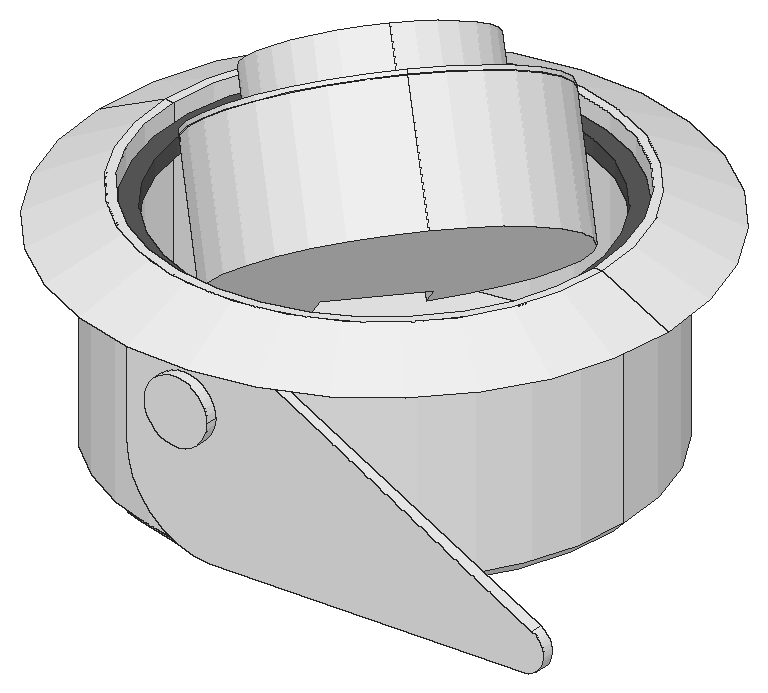
Revit family "Ciak 1.6A", category Lighting Fixtures, host Face, Revit 2017
Family settings
  Host = Face
  Round Connector Dimension = Use Diameter
  Part Type = Normal
  Cut with Voids When Loaded = Yes
  Light Source = No
  Shared = No
  Room Calculation Point = Yes
Parameters (values of type "Ciak 1.6_L 52° (3000K 2.5W 24Vdc)")
  Wiring = "parallel"
  Width mm = 46 mm
  Weight kg = "0.07"
  Voltage = 24 V
  Vertical rotation adjusted [instance] = if(Vertical rotation > Vertical rotation max, Vertical rotation max, Vertical rotation)  # 40.00°
  Vertical rotation [instance] = 40.00°
  Vertical rotation max = 70.00°
  URL Technical sheet = "https://www.lucelight.it/media/prodotti/st/ST_CIAK_16.pdf"
  URL Image = "https://www.lucelight.it/media/prodotti/foto/ciak_1.6_still.jpg"
  URL IES Photometric file = "https://www.lucelight.it/media/prodotti/fotometrie/ciak_1.6_ies.zip"
  URL General code = "https://www.lucelight.it/en/prodotto.php/102838#a-generacodice"
  URL Description = "https://www.lucelight.it/en/capitolato.php/102838"
  URL DXF = "https://www.lucelight.it/media/prodotti/dxf/ciak_1.6.dxf"
  URL Catalogue = "https://www.lucelight.it/media/prodotti/brochure/ciak_brochure_en.pdf"
  URL Accessories and power supply units = "https://www.lucelight.it/en/prodotto.php/102838#a-scheda-accessori"
  URL = "https://www.lucelight.it/en/prodotto.php/102838"
  Trim = L&L_Black aluminium
  Radius void = 25 mm
  Power supply unit = "not included"
  Power supply = "24Vdc"
  Power cables = "includes 1.5 m PVC cable FROR 2x0.35/0.35 diam. 3.5 m"
  Power = "2.5W"
  Optics = "52°"
  Notes = "-"
  No. and type of led = "1 power LED"
  Model = "Ciak 1.6"
  Manufacturer = "L&L Luce&Light"
  Light Source = Light Source_1.6 : L52°
  Geometry 2 = Ciak 1.6_mod : Ciak 1.6
  Mounting = "recessed (ceiling, shelf, shop window)"
  Material = "body and trim in aluminium"
  Lumen output at source = "157 lm (3000K)"
  Lens = L&L_Lens
  Length mm = 46 mm
  LED Colour = "3000K (also available: 2700K and 4000K - ref. URL Technical sheet)"
  L1 = 10.5 mm
  IP = "40"
  Horizontal rotation [instance] = 40.00°
  Horizontal rotation max = 350.00°
  Horizontal rotation adjusted [instance] = if(Horizontal rotation > Horizontal rotation max, Horizontal rotation max, Horizontal rotation)  # 40.00°
  Height void = 19 mm
  Height mm = 22 mm
  Geometry 1 = Ciak 1.0_Geometry 1 : Ciak 1.0_Geometry 1
  Features = "-"
  Energy efficiency class = "A A+ A++"
  Description = "indoor recessed"
  Delivered lumen output = "144 lm (3000K, 29°)"
  Default Elevation = 1219.2 mm
  Cutout dimensions = "diam. 50 mm"
  Control system = "-"
  Contact = "T: +39 0444 360571; E: lucelight@lucelight.it"
  Company = "L&L Luce&Light"
  Code = "CK16001 B White; CK16001 N Black"
  CRI = "90"
  Body = L&L_White aluminium
  Geometry 3 = Ciak 1.0_Geometry 3 : Ciak 1.0_Geometry 3
  Apparent Load Phase 1 = 2.5 W
Types (5, lengths in mm): name | Vertical rotation adjusted | Vertical rotation | Optics | Light Source
  Ciak 1.6_L 52° (3000K 2.5W 24Vdc) | 40.00° | 40.00° | "52°" | Light Source_1.6 : L52°
  Ciak 1.6_M 29° (3000K 2.5W 24Vdc) | 20.00° | 20.00° | "29°" | Light Source_1.6 : M29°
  Ciak 1.6_P 48° (3000K 2.5W 24Vdc) | 20.00° | 20.00° | "48°" | Light Source_1.6 : P48°
  Ciak 1.6_S 17° (3000K 2.5W 24Vdc) | 20.00° | 20.00° | "17°" | Light Source_1.6 : S17°
  Ciak 1.6_W 16°x34° (3000K 2.5W 24Vdc) | 20.00° | 20.00° | "16°x34°" | Light Source_1.6 : W16°x34°
Reference planes
  plane 1 "Center (Front/Back)": y = 0
  plane 2: z = 0
  plane 3 "Center (Left/Right)": x = 0
  plane 4: z = -19
Forms (mm)
  Extrusion 1, void
    sketch origin (0, 0, 0) x (-0.642788, -0.766044, 0) y (-0.766044, 0.642788, 0)
      loop
        circle (0, 0) r 25
    from 0 to 19
Lines and regions (mm)
  reference lines
    curve 1: line (0, 0, 0) -> (-8.043, 6.749, 0)
    curve 2: line (-8.043, 6.749, 0) -> (-8.043, 6.749, 1.5)
Dimensions and locks
  "L1": curve 1 to curve 1
  "Height void": plane 4 to plane 2
  "Radius void": radius of Extrusion 1 sketch curve
  "Horizontal rotation adjusted": angle curve 1 to plane 1 "Center (Front/Back)"
  aligned and locked: plane 2 to host face
  aligned and locked: level to host face
  aligned and locked: Extrusion 1 to plane 4
  aligned and locked: plane 2 to Extrusion 1
Automatic sketch dimensions
  host sketch curve to host sketch curve = 2438.4 mm  (x2)
  curve 2 to curve 1 = 0 mm  (x2)
  curve 1 to curve 2 = 1.5 mm
  plane 1 "Center (Front/Back)" to curve 1 = 0 mm
  curve 1 to plane 3 "Center (Left/Right)" = 0 mm
  Extrusion 1 sketch curve to curve 1 = 0 mm  (x2)
Nested families
  nested 1: "Ciak 1.0_Geometry 3" at (0, 0, 0) x (0.766, -0.6428, 0) z (0, 0, 1), type <- "Geometry 3", type "Ciak 1.0_Geometry 3"
  nested 2: "Ciak 1.0_Geometry 1" at (0, 0, 0), type <- "Geometry 1", type "Ciak 1.0_Geometry 1"
  nested 3: "Ciak 1.6_mod" at (-8.043, 6.749, 1.1) x (-0.766, 0.6428, 0) z (0, 0, 1), type <- "Geometry 2", Vertical rotation <- "Vertical rotation adjusted", type "Ciak 1.6"
    with Vertical rotation 40.00°
  nested 4: "Light Source_1.6" at (-1.84, 1.544, 8.026) x (0.6428, 0.766, 0) z (-0.4924, 0.4132, 0.766), type <- "Light Source", type "L52°"
Connectors
  electrical at (0, 0, 0), driven by "Voltage", driven by "Apparent Load Phase 1"
    settings: on host face, index 1, voltage 24 V, apparent load 0 VA, apparent load phase1 2.5 VA, apparent load phase2 0 VA, apparent load phase3 0 VA, power factor 1, load classification "Lighting", number of poles 1, system type 31, power factor state 1, is connector primary yes, connector utility no, sub classification motor no, connector description ""
Definition of nested family "Ciak 1.0_Geometry 3"
  Parameters (values of type "Ciak 01_Black Steel_01")
    Trim = none
    Default Elevation = 1219.2 mm
  Reference planes
    plane 1 "Light Source Axis (F/B)": y = 0
    plane 2: z = 0
    plane 3 "Light Source Axis (L/R)": x = 0
    plane 4 "Light Source Elevation": z = 1500
  Forms (mm)
    Extrusion 1, solid, material <- "Trim", detail levels fine
      sketch origin (56.403, -158.782, 3) x (1, 0, 0) y (0, 1, 0)
        loop
          arc (-73.344, 151.602) -> (-38.003, 158.782) -> (-73.344, 165.963) r 18.4
          arc (-73.344, 165.963) -> (-73.17, 164.078) -> (-71.503, 163.182) r 2
          line (-71.503, 163.182) -> (-66.903, 163.182) -> (-66.903, 154.382) -> (-71.503, 154.382)
          arc (-71.503, 154.382) -> (-73.17, 153.486) -> (-73.344, 151.602) r 2
        loop
          circle (-56.403, 158.782) r 20
      from -3 to -1.5
  Lines and regions (mm)
    model lines
      curve 1: circle (0, 0, 0) r 18.5 normal (0, 0, 1)
  Dimensions and locks
    aligned and locked: level to plane 2
Definition of nested family "Ciak 1.0_Geometry 1"
  Parameters (values of type "Ciak 1.0_Geometry 1")
    Radius [instance] = 23 mm
    Body = none
  Reference planes
    plane 1 "Light Source Axis (F/B)": y = 0
    plane 2: z = 0
    plane 3 "Light Source Axis (L/R)": x = 0
    plane 4 "Light Source Elevation": z = 1500
  Forms (mm)
    Revolve 1, solid, material <- "Body", detail levels medium+fine
      sketch origin (90.777, 0, 11.546) x (-1, 0, 0) y (0, 0, -1)
        loop
          line (90.777, 30.546) -> (68.777, 30.546) -> (67.777, 29.546) -> (67.777, 11.546) -> (70.527, 11.546) -> (70.527, 28.42) -> (90.777, 28.42) -> (90.777, 30.546)
        axis (90.777, 11.546) -> (90.777, 30.546)
      angle from 0 to 360
    Extrusion 2, solid, material <- "Body", detail levels fine
      sketch origin (90.777, -25.576, -12.82) x (-1, 0, 0) y (0, 0, -1)
        loop
          arc (88.327, 5.326) -> (73.196, 5.076) -> (58.095, 4.078) r 305.853
          arc (58.095, 4.078) -> (56.309, 2.447) -> (57.4, 0.288) r 2
          line (57.4, 0.288) -> (82.202, -11.808)
          arc (82.202, -11.808) -> (84.336, -12.564) -> (86.585, -12.82) r 10
          line (86.585, -12.82) -> (94.277, -12.82)
          arc (94.277, -12.82) -> (95.691, -12.235) -> (96.277, -10.82) r 2
          line (96.277, -10.82) -> (96.277, -2.674)
          arc (96.277, -2.674) -> (93.951, 2.965) -> (88.327, 5.326) r 8
      from -2.576 to -1.576
    Extrusion 3, solid, material <- "Body", detail levels fine
      sketch origin (-90.777, 25.576, -12.82) x (1, 0, 0) y (0, 0, -1)
        loop
          arc (88.327, 5.326) -> (73.196, 5.076) -> (58.095, 4.078) r 305.853
          arc (58.095, 4.078) -> (56.309, 2.447) -> (57.4, 0.288) r 2
          line (57.4, 0.288) -> (82.202, -11.808)
          arc (82.202, -11.808) -> (84.336, -12.564) -> (86.585, -12.82) r 10
          line (86.585, -12.82) -> (94.277, -12.82)
          arc (94.277, -12.82) -> (95.691, -12.235) -> (96.277, -10.82) r 2
          line (96.277, -10.82) -> (96.277, -2.674)
          arc (96.277, -2.674) -> (93.951, 2.965) -> (88.327, 5.326) r 8
      from -2.576 to -1.576
    Extrusion 4, solid, material <- "Body", detail levels fine
      sketch origin (0, 0, 50) x (-1, 0, 0) y (0, 0, -1)
        loop
          circle (0, 55.5) r 3
      from -24 to -25
    Extrusion 5, solid, material <- "Body", detail levels fine
      sketch origin (0, 0, 50) x (-1, 0, 0) y (0, 0, 1)
        loop
          circle (0, -55.5) r 3
      from -24 to -25
    Extrusion 6, solid, material <- "Body", detail levels coarse
      sketch origin (0, 0, -22) x (-1, 0, 0) y (0, -1, 0)
        loop
          circle (0, 0) r 27.3
      from 0 to 22
    Revolve 7, solid, material <- "Body", detail levels medium+fine
      sketch origin (0, 0, 0) x (1, 0, 0) y (0, 0, 1)
        loop
          line (21, 3) -> (20.2, 3) -> (20.2, 0) -> (27.3, 0) -> (21, 3)
        axis (0, 3) -> (0, 0)
      angle from 0 to 360
  Text (mm)
    text "22" at (174.731, 197.186, 0), in view "Ref. Level"
    text "4.49" at (199.986, 197.211, 0), in view "Ref. Level"
    text "26.49" at (176.99, 205.162, 0), in view "Ref. Level"
  Dimensions and locks
    aligned and locked: level to plane 2
Definition of nested family "Ciak 1.6_mod"
  Parameters (values of type "Ciak 1.6")
    Vertical rotation [instance] = 10.00°
    Lens = none
    Default Elevation = 1219.2 mm
    Body = none
  Reference planes
    plane 1 "Light Source Axis (F/B)": y = 0
    plane 2: z = 0
    plane 3 "Light Source Axis (L/R)": x = 0
    plane 4 "Light Source Elevation": z = 0
    plane 5: z = 0
  Lines and regions (mm)
    reference lines
      curve 1: line (0, 0, -6.093) -> (0, 0, 0)
      curve 2: line (0, 0, 0) -> (-135.711, 0, 23.929)
  Dimensions and locks
    "Vertical rotation": angle curve 2 to plane 5
    aligned and locked: level to plane 2
  Automatic sketch dimensions
    curve 2 to level = 0 mm
    curve 2 to plane 3 "Light Source Axis (L/R)" = 0 mm
    curve 1 to curve 1 = 6.093 mm
  Nested families
    nested 1: "Ciak 01_Movable Geometry_01" at (-10.343, 0, 1.824) x (-0.9848, 0, 0.1736) z (-0.1736, 0, -0.9848), type "Ciak 01_Movable Geometry_01"
    nested 2: "Ciak 01_Extrusion Cover_01" at (-10.331, 0, 1.822) x (-0.9848, 0, 0.1736) z (-0.1736, 0, -0.9848), type "Ciak 01_Extrusion Cover_01"
  Definition of nested family "Ciak 01_Movable Geometry_01"
    Parameters (values of type "Ciak 01_Movable Geometry_01")
      Lens = none
      Default Elevation = 1219.2 mm
      Body = none
    Reference planes
      plane 1 "Light Source Axis (F/B)": y = 0
      plane 2: z = 12
      plane 3 "Light Source Axis (L/R)": x = 0
      plane 4 "Light Source Elevation": z = 1500
      plane 5: z = 0
    Forms (mm)
      Extrusion 1, solid, material <- "Body", detail levels medium
        sketch origin (-15.04, 0, 0) x (1, 0, 0) y (0, 1, 0)
          loop
            circle (15.04, 0) r 15.04
        from 0 to 12
      Extrusion 2, void
        sketch origin (-15.04, 0, 0) x (1, 0, 0) y (0, 1, 0)
          loop
            arc (7.546, -0.015) -> (9.75, -5.31) -> (15.051, -7.5) r 7.5
            arc (15.051, -7.5) -> (21.619, -3.61) -> (21.376, 4.021) r 7.5
            arc (21.376, 4.021) -> (18.647, 6.578) -> (15.023, 7.5) r 7.5
            arc (15.023, 7.5) -> (9.73, 5.29) -> (7.546, -0.015) r 7.5
        from 3 to 10.193
      Extrusion 3, solid, material <- "Body", detail levels fine
        sketch origin (-15.04, 0, 0) x (1, 0, 0) y (0, 1, 0)
          loop
            arc (0.658, -4.4) -> (17.265, -14.874) -> (30.08, 0) r 15.04
            arc (30.08, 0) -> (17.265, 14.874) -> (0.658, 4.4) r 15.04
            line (0.658, 4.4) -> (4.54, 4.4) -> (4.54, -4.4) -> (0.658, -4.4)
        from 0 to 12
      Extrusion 4, solid, material <- "Body", detail levels coarse
        sketch origin (-15.04, 0, 0) x (1, 0, 0) y (0, 1, 0)
          loop
            circle (15.04, 0) r 15.04
        from 0 to 12
      Extrusion 5, solid, material <- "Lens", detail levels medium
        sketch origin (-15.04, 0, 0) x (1, 0, 0) y (0, 1, 0)
          loop
            arc (7.546, -0.015) -> (9.75, -5.31) -> (15.051, -7.5) r 7.5
            arc (15.051, -7.5) -> (21.619, -3.61) -> (21.376, 4.021) r 7.5
            arc (21.376, 4.021) -> (18.647, 6.578) -> (15.023, 7.5) r 7.5
            arc (15.023, 7.5) -> (9.73, 5.29) -> (7.546, -0.015) r 7.5
        from -0.1 to 0.358
      Extrusion 6, solid, material <- "Lens", detail levels fine
        sketch origin (-15.04, 0, 0) x (1, 0, 0) y (0, 1, 0)
          loop
            arc (7.546, -0.015) -> (9.75, -5.31) -> (15.051, -7.5) r 7.5
            arc (15.051, -7.5) -> (21.619, -3.61) -> (21.376, 4.021) r 7.5
            arc (21.376, 4.021) -> (18.647, 6.578) -> (15.023, 7.5) r 7.5
            arc (15.023, 7.5) -> (9.73, 5.29) -> (7.546, -0.015) r 7.5
        from -0.1 to 0.358
    Cuts and joins
      Extrusion 2 cuts Extrusion 1
    Dimensions and locks
      plane 2 to plane 5 = 12 mm
      plane 2 to level = 12 mm
      aligned and locked: plane 2 to Extrusion 4
      aligned and locked: Extrusion 4 to cut or joined group of Extrusion 1, Extrusion 2
  Definition of nested family "Ciak 01_Extrusion Cover_01"
    Parameters (values of type "Ciak 01_Extrusion Cover_01")
      Default Elevation = 4.5 mm
      Body = none
    Reference planes
      plane 1 "Light Source Axis (F/B)": y = 0
      plane 2: z = 0
      plane 3 "Light Source Axis (L/R)": x = 0
      plane 4 "Light Source Elevation": z = 0
      plane 5: z = -4.9
    Forms (mm)
      Extrusion 1, solid, material <- "Body", detail levels fine
        sketch origin (0, 0, 0) x (1, 0, 0) y (0, 1, 0)
          loop
            circle (0.025, 0) r 10
          loop
            arc (-9.574, 0.049) -> (0.025, -9.6) -> (9.625, 0.049) r 9.6
            arc (9.625, 0.049) -> (0.025, 9.6) -> (-9.574, 0.049) r 9.6
        from -0.4 to -4.9
      Extrusion 2, solid, material <- "Body", detail levels fine
        sketch origin (0, 0, 0) x (1, 0, 0) y (0, 1, 0)
          loop
            line (-14.376, 4.4) -> (-10.487, 4.4) -> (-10.487, -4.396) -> (-14.377, -4.396)
            arc (-14.377, -4.396) -> (2.222, -14.869) -> (15.034, 0) r 15.034
            arc (15.034, 0) -> (2.224, 14.868) -> (-14.376, 4.4) r 15.034
          loop
            arc (-0.017, 7.5) -> (-5.31, 5.29) -> (-7.494, -0.015) r 7.5
            arc (-7.494, -0.015) -> (-5.29, -5.31) -> (0.01, -7.5) r 7.5
            arc (0.01, -7.5) -> (6.579, -3.61) -> (6.336, 4.021) r 7.5
            arc (6.336, 4.021) -> (3.607, 6.578) -> (-0.017, 7.5) r 7.5
        from -0.4 to 0
    Dimensions and locks
      level to plane 5 = 4.9 mm
      aligned and locked: level to plane 2
Definition of nested family "Light Source_1.6"
  Parameters (values of type "L52°")
    Wattage = 1.05694 W
    built-in parameter 1150110 = 1 (stored number, unit not read)
    built-in parameter 1114217 = 1 (stored number, unit not read)
    Tilt Angle = 0.00°
    built-in parameter 1150109 = 1 (stored number, unit not read)
    built-in parameter 1150134 = (empty or 0)
    built-in parameter 1150113 = 1 (stored number, unit not read)
    Photometric Web File = "CIAK 1.6 L 52° [3000K 2.5W 24Vdc].IES"
    Lumens = 157 lm
    built-in parameter 1150115 = 1 (stored number, unit not read)
    built-in parameter 1150105 = 12.494 (stored number, unit not read)
    built-in parameter 1150137 = (empty or 0)
    built-in parameter 1150139 = (empty or 0)
    built-in parameter 1150112 = 1 (stored number, unit not read)
    built-in parameter 1150114 = 1 (stored number, unit not read)
    built-in parameter 1150132 = 2
    built-in parameter 1150102 = (empty or 0)
    built-in parameter 1150138 = (empty or 0)
    built-in parameter 1150107 = 3000 (stored number, unit not read)
    built-in parameter 1150106 = 0.12494 (stored number, unit not read)
    built-in parameter 1150104 = 13.8 (stored number, unit not read)
    Dimming Lamp Color Temperature Shift = (empty or 0)
    Default Elevation = 1219.2 mm
    Color Filter = 16777215
    built-in parameter 1114218 = 1 (stored number, unit not read)
    built-in parameter 1150133 = 10 (stored number, unit not read)
  Types (5, lengths in mm): name | Photometric Web File
    L52° | "CIAK 1.6 L 52° [3000K 2.5W 24Vdc].IES"
    M29° | "CIAK 1.6 M 29° [3000K 2.5W 24Vdc].IES"
    P48° | "CIAK 1.6 P (48°) [3000K 2.5W 24Vdc].IES"
    S17° | "CIAK 1.6 S 17° [3000K 2.5W 24Vdc].IES"
    W16°x34° | "CIAK 1.6 W 16°x34° [3000K 2.5W 24Vdc].IES"
  Reference planes
    plane 1 "Light Source Axis (F/B)": y = 0
    plane 2: z = 0
    plane 3 "Light Source Axis (L/R)": x = 0
    plane 4 "Light Source Elevation": z = 0
  Dimensions and locks
    aligned and locked: plane 1 "Light Source Axis (F/B)" to imposter light
    aligned and locked: level to plane 2
